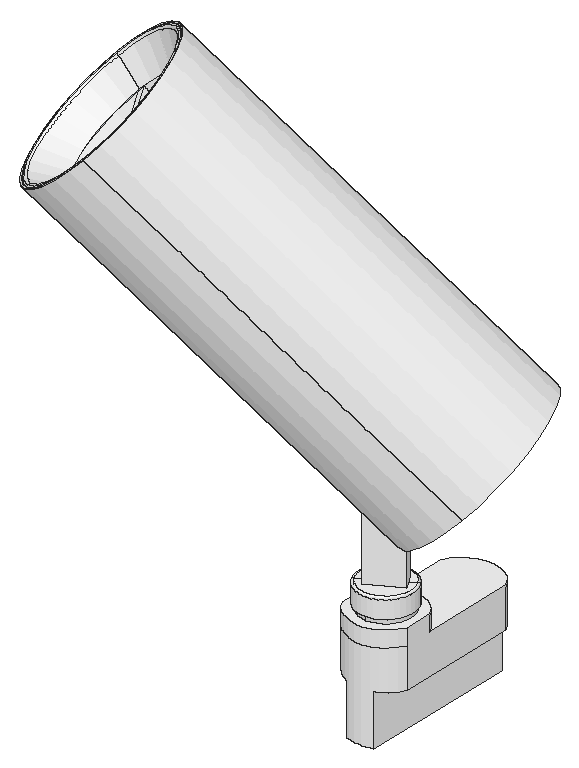
Revit family "0005444", category Lighting Fixtures, host Face, Revit 2017 (continued)
Definition of nested family "START Track Spot Integral Head"
  Types (3, lengths in mm): name | Photometric Web File | built-in parameter 1150142
    0005444 - 36 | "0005444_36.ies" | "IESNA:LM-63-2002\r\n[TEST] 202000174-1\r\n[TESTLAB] \r\n[TESTDATE] 8 Jun 2020\r\n[ISSUEDATE] 8 Jun 2020\r\n[MANUFAC] Sylvania\r\n[LUMCAT] 202000174-1\r\n[LUMINAIRE] FT1081-W-3000£¨36¡ã£©\r\n[FLASHAREA] 0.001373\r\n[LAMPCAT] 202000174-1\r\n[LAMP] LED 54W - 51.58 W\r\nTILT=NONE\r\n1 4824.20 1.0 181 4 1 2 -0.085 -0.085 0.000\r\n1.00 1.00 51.58\r\n0.00 1.00 2.00 3.00 4.00 5.00 6.00 7.00 8.00 9.00 10.00 \r\n11.00 12.00 13.00 14.00 15.00 16.00 17.00 18.00 19.00 \r\n20.00 21.00 22.00 23.00 24.00 25.00 26.00 27.00 28.00 \r\n29.00 30.00 31.00 32.00 33.00 34.00 35.00 36.00 37.00 \r\n38.00 39.00 40.00 41.00 42.00 43.00 44.00 45.00 46.00 \r\n47.00 48.00 49.00 50.00 51.00 52.00 53.00 54.00 55.00 \r\n56.00 57.00 58.00 59.00 60.00 61.00 62.00 63.00 64.00 \r\n65.00 66.00 67.00 68.00 69.00 70.00 71.00 72.00 73.00 \r\n74.00 75.00 76.00 77.00 78.00 79.00 80.00 81.00 82.00 \r\n83.00 84.00 85.00 86.00 87.00 88.00 89.00 90.00 91.00 \r\n92.00 93.00 94.00 95.00 96.00 97.00 98.00 99.00 100.00 \r\n101.00 102.00 103.00 104.00 105.00 106.00 107.00 108.00 \r\n109.00 110.00 111.00 112.00 113.00 114.00 115.00 116.00 \r\n117.00 118.00 119.00 120.00 121.00 122.00 123.00 124.00 \r\n125.00 126.00 127.00 128.00 129.00 130.00 131.00 132.00 \r\n133.00 134.00 135.00 136.00 137.00 138.00 139.00 140.00 \r\n141.00 142.00 143.00 144.00 145.00 146.00 147.00 148.00 \r\n149.00 150.00 151.00 152.00 153.00 154.00 155.00 156.00 \r\n157.00 158.00 159.00 160.00 161.00 162.00 163.00 164.00 \r\n165.00 166.00 167.00 168.00 169.00 170.00 171.00 172.00 \r\n173.00 174.00 175.00 176.00 177.00 178.00 179.00 180.00 \r\n0.00 30.00 60.00 90.00 \r\n10404.47 10782.91 10702.82 10566.62 10374.18 10147.97 \r\n9895.17 9607.78 9286.92 8940.42 8561.88 8164.88 7741.96 \r\n7324.59 6893.84 6466.46 6047.39 5619.92 5217.53 4812.23 \r\n4429.07 4071.70 3706.80 3369.21 3046.18 2750.24 2468.30 \r\n2209.89 1966.35 1746.54 1548.25 1360.32 1200.30 1052.93 \r\n925.30 811.22 713.90 625.81 548.07 484.25 423.86 377.35 \r\n330.93 295.03 265.56 236.80 215.73 195.61 179.23 165.24 \r\n152.91 143.30 133.96 126.55 119.55 113.44 108.12 103.11 \r\n98.39 93.39 88.65 83.84 79.00 74.62 70.17 65.84 61.49 \r\n57.23 52.93 48.92 44.73 40.57 36.42 32.02 27.89 23.46 \r\n19.32 16.25 13.71 11.45 9.10 6.87 4.83 3.14 1.65 1.04 \r\n0.65 0.36 0.19 0.10 0.07 0.04 0.04 0.04 0.04 0.04 0.05 \r\n0.05 0.05 0.06 0.06 0.07 0.07 0.08 0.09 0.09 0.09 0.09 \r\n0.10 0.11 0.11 0.00 0.00 0.00 0.00 0.00 0.00 0.00 0.00 \r\n0.00 0.00 0.00 0.00 0.00 0.00 0.00 0.00 0.00 0.00 0.00 \r\n0.00 0.00 0.00 0.00 0.00 0.00 0.00 0.00 0.00 0.00 0.00 \r\n0.00 0.00 0.00 0.00 0.00 0.00 0.00 0.00 0.00 0.00 0.00 \r\n0.00 0.00 0.00 0.00 0.00 0.00 0.00 0.00 0.00 0.00 0.00 \r\n0.00 0.00 0.00 0.00 0.00 0.00 0.00 0.00 0.00 0.00 0.00 \r\n0.00 0.00 0.00 0.00 0.00 0.00 0.00 \r\n10404.47 10596.09 10513.48 10382.26 10203.55 9994.41 \r\n9743.37 9458.58 9138.08 8794.44 8434.68 8044.62 7646.62 \r\n7228.44 6806.69 6392.29 5975.13 5561.90 5152.32 4759.73 \r\n4385.07 4022.12 3679.74 3349.17 3033.63 2742.67 2462.10 \r\n2209.02 1976.36 1757.39 1565.46 1383.63 1226.33 1075.93 \r\n946.60 834.90 732.26 642.39 563.91 494.78 435.32 383.24 \r\n338.19 301.21 267.49 240.31 217.58 197.82 180.65 166.83 \r\n154.79 143.83 135.20 127.33 120.59 114.47 109.12 104.02 \r\n99.11 94.35 89.39 84.59 79.76 74.82 70.25 65.69 61.30 \r\n56.94 52.67 48.49 44.24 40.12 35.94 31.72 27.44 23.59 \r\n20.10 16.65 13.79 11.28 9.09 7.10 5.11 3.61 2.45 1.39 \r\n0.76 0.48 0.29 0.17 0.11 0.08 0.05 0.05 0.05 0.05 0.05 \r\n0.05 0.05 0.06 0.06 0.06 0.07 0.08 0.08 0.08 0.08 0.09 \r\n0.09 0.10 0.11 0.00 0.00 0.00 0.00 0.00 0.00 0.00 0.00 \r\n0.00 0.00 0.00 0.00 0.00 0.00 0.00 0.00 0.00 0.00 0.00 \r\n0.00 0.00 0.00 0.00 0.00 0.00 0.00 0.00 0.00 0.00 0.00 \r\n0.00 0.00 0.00 0.00 0.00 0.00 0.00 0.00 0.00 0.00 0.00 \r\n0.00 0.00 0.00 0.00 0.00 0.00 0.00 0.00 0.00 0.00 0.00 \r\n0.00 0.00 0.00 0.00 0.00 0.00 0.00 0.00 0.00 0.00 0.00 \r\n0.00 0.00 0.00 0.00 0.00 0.00 0.00 \r\n10404.47 10446.04 10366.31 10241.91 10074.25 9863.43 \r\n9625.49 9340.39 9026.41 8690.38 8328.54 7946.42 7543.24 \r\n7147.32 6728.48 6315.69 5913.00 5499.49 5109.79 4716.51 \r\n4336.93 3976.48 3631.13 3303.03 2991.53 2702.23 2430.42 \r\n2176.04 1943.10 1734.00 1534.19 1356.35 1202.40 1056.66 \r\n928.42 816.19 717.15 631.38 552.86 486.58 427.63 377.25 \r\n334.26 295.63 265.34 237.96 215.92 196.22 179.62 165.86 \r\n154.06 143.86 134.67 126.90 120.34 114.20 108.72 103.56 \r\n98.66 93.86 89.06 84.35 79.47 74.83 70.39 65.90 61.39 \r\n57.08 52.88 48.74 44.59 40.37 36.29 32.06 27.77 23.80 \r\n20.02 16.72 13.80 11.38 9.15 7.10 5.18 3.57 2.30 1.37 \r\n0.77 0.46 0.26 0.15 0.10 0.06 0.04 0.04 0.04 0.04 0.05 \r\n0.05 0.05 0.06 0.06 0.06 0.07 0.08 0.08 0.08 0.09 0.09 \r\n0.10 0.10 0.11 0.00 0.00 0.00 0.00 0.00 0.00 0.00 0.00 \r\n0.00 0.00 0.00 0.00 0.00 0.00 0.00 0.00 0.00 0.00 0.00 \r\n0.00 0.00 0.00 0.00 0.00 0.00 0.00 0.00 0.00 0.00 0.00 \r\n0.00 0.00 0.00 0.00 0.00 0.00 0.00 0.00 0.00 0.00 0.00 \r\n0.00 0.00 0.00 0.00 0.00 0.00 0.00 0.00 0.00 0.00 0.00 \r\n0.00 0.00 0.00 0.00 0.00 0.00 0.00 0.00 0.00 0.00 0.00 \r\n0.00 0.00 0.00 0.00 0.00 0.00 0.00 \r\n10404.47 10381.93 10304.93 10185.12 10020.40 9809.25 \r\n9565.29 9286.37 8975.89 8641.26 8279.50 7900.41 7501.42 \r\n7094.58 6686.04 6273.05 5865.46 5460.89 5066.21 4681.44 \r\n4307.57 3947.98 3606.65 3281.38 2964.21 2672.94 2402.59 \r\n2148.52 1915.51 1701.01 1500.71 1328.34 1172.22 1032.52 \r\n905.82 794.59 696.20 611.17 536.05 471.13 415.15 366.14 \r\n326.23 289.16 259.45 234.06 212.43 193.73 177.18 163.75 \r\n152.41 142.92 134.20 126.52 119.46 113.08 107.71 102.63 \r\n97.94 93.21 88.34 83.47 78.78 74.26 69.82 65.47 61.13 \r\n56.95 52.84 48.73 44.55 40.38 36.16 31.93 27.72 23.44 \r\n19.80 16.49 13.78 11.33 9.16 7.00 5.10 3.28 1.98 1.10 \r\n0.69 0.40 0.21 0.09 0.05 0.03 0.03 0.03 0.03 0.04 0.05 \r\n0.05 0.05 0.05 0.06 0.07 0.07 0.07 0.08 0.08 0.09 0.09 \r\n0.09 0.11 0.11 0.00 0.00 0.00 0.00 0.00 0.00 0.00 0.00 \r\n0.00 0.00 0.00 0.00 0.00 0.00 0.00 0.00 0.00 0.00 0.00 \r\n0.00 0.00 0.00 0.00 0.00 0.00 0.00 0.00 0.00 0.00 0.00 \r\n0.00 0.00 0.00 0.00 0.00 0.00 0.00 0.00 0.00 0.00 0.00 \r\n0.00 0.00 0.00 0.00 0.00 0.00 0.00 0.00 0.00 0.00 0.00 \r\n0.00 0.00 0.00 0.00 0.00 0.00 0.00 0.00 0.00 0.00 0.00 \r\n0.00 0.00 0.00 0.00 0.00 0.00 0.00 \r\n"
    0005444 - 54 | "0005444_54.ies" | "IESNA:LM-63-2002\r\n[TEST] 202000174-1\r\n[TESTLAB] \r\n[TESTDATE] 8 Jun 2020\r\n[ISSUEDATE] 8 Jun 2020\r\n[MANUFAC] Sylvania\r\n[LUMCAT] 202000174-1\r\n[LUMINAIRE] FT1081-W-3000£¨54¡ã£©\r\n[FLASHAREA] 0.001373\r\n[LAMPCAT] 202000174-1\r\n[LAMP] LED 54W - 51.44 W\r\nTILT=NONE\r\n1 4858.80 1.0 181 4 1 2 -0.085 -0.085 0.000\r\n1.00 1.00 51.44\r\n0.00 1.00 2.00 3.00 4.00 5.00 6.00 7.00 8.00 9.00 10.00 \r\n11.00 12.00 13.00 14.00 15.00 16.00 17.00 18.00 19.00 \r\n20.00 21.00 22.00 23.00 24.00 25.00 26.00 27.00 28.00 \r\n29.00 30.00 31.00 32.00 33.00 34.00 35.00 36.00 37.00 \r\n38.00 39.00 40.00 41.00 42.00 43.00 44.00 45.00 46.00 \r\n47.00 48.00 49.00 50.00 51.00 52.00 53.00 54.00 55.00 \r\n56.00 57.00 58.00 59.00 60.00 61.00 62.00 63.00 64.00 \r\n65.00 66.00 67.00 68.00 69.00 70.00 71.00 72.00 73.00 \r\n74.00 75.00 76.00 77.00 78.00 79.00 80.00 81.00 82.00 \r\n83.00 84.00 85.00 86.00 87.00 88.00 89.00 90.00 91.00 \r\n92.00 93.00 94.00 95.00 96.00 97.00 98.00 99.00 100.00 \r\n101.00 102.00 103.00 104.00 105.00 106.00 107.00 108.00 \r\n109.00 110.00 111.00 112.00 113.00 114.00 115.00 116.00 \r\n117.00 118.00 119.00 120.00 121.00 122.00 123.00 124.00 \r\n125.00 126.00 127.00 128.00 129.00 130.00 131.00 132.00 \r\n133.00 134.00 135.00 136.00 137.00 138.00 139.00 140.00 \r\n141.00 142.00 143.00 144.00 145.00 146.00 147.00 148.00 \r\n149.00 150.00 151.00 152.00 153.00 154.00 155.00 156.00 \r\n157.00 158.00 159.00 160.00 161.00 162.00 163.00 164.00 \r\n165.00 166.00 167.00 168.00 169.00 170.00 171.00 172.00 \r\n173.00 174.00 175.00 176.00 177.00 178.00 179.00 180.00 \r\n0.00 30.00 60.00 90.00 \r\n5748.52 5832.98 5829.92 5813.23 5790.96 5758.73 5716.33 \r\n5664.90 5614.15 5552.77 5477.41 5391.90 5299.60 5199.79 \r\n5096.07 4987.17 4868.53 4744.46 4613.55 4468.86 4315.88 \r\n4155.34 3978.13 3793.44 3603.95 3412.60 3215.05 3018.56 \r\n2819.66 2609.95 2411.55 2204.65 2008.81 1814.47 1621.48 \r\n1442.97 1271.00 1111.98 970.05 841.19 725.92 634.06 \r\n550.38 480.99 423.77 375.03 330.30 293.88 262.46 236.71 \r\n213.41 193.79 175.98 161.28 147.15 135.58 125.21 116.27 \r\n108.59 101.48 95.49 89.84 84.45 79.63 74.83 70.20 65.77 \r\n61.39 56.10 50.66 46.22 41.84 37.82 33.99 30.48 26.90 \r\n22.98 18.49 14.66 11.82 9.11 6.70 4.46 2.74 1.72 1.16 \r\n0.74 0.41 0.22 0.12 0.09 0.05 0.05 0.05 0.05 0.05 0.06 \r\n0.06 0.06 0.07 0.08 0.08 0.09 0.09 0.09 0.10 0.11 0.11 \r\n0.12 0.14 0.15 0.00 0.00 0.00 0.00 0.00 0.00 0.00 0.00 \r\n0.00 0.00 0.00 0.00 0.00 0.00 0.00 0.00 0.00 0.00 0.00 \r\n0.00 0.00 0.00 0.00 0.00 0.00 0.00 0.00 0.00 0.00 0.00 \r\n0.00 0.00 0.00 0.00 0.00 0.00 0.00 0.00 0.00 0.00 0.00 \r\n0.00 0.00 0.00 0.00 0.00 0.00 0.00 0.00 0.00 0.00 0.00 \r\n0.00 0.00 0.00 0.00 0.00 0.00 0.00 0.00 0.00 0.00 0.00 \r\n0.00 0.00 0.00 0.00 0.00 0.00 0.00 \r\n5748.52 5795.00 5781.21 5763.63 5744.66 5712.95 5675.20 \r\n5633.49 5568.66 5500.06 5426.12 5349.85 5265.27 5167.41 \r\n5063.30 4951.07 4832.30 4709.77 4575.01 4433.65 4279.79 \r\n4118.13 3942.41 3752.83 3577.78 3384.88 3180.51 2990.60 \r\n2796.83 2592.91 2401.55 2192.57 1998.78 1802.12 1616.50 \r\n1441.88 1272.93 1119.16 982.97 857.06 744.69 648.13 \r\n566.13 494.45 432.97 379.98 337.98 300.98 267.26 240.98 \r\n217.40 196.31 178.37 162.42 148.85 137.08 126.89 117.70 \r\n109.71 102.62 96.04 90.32 84.66 79.51 74.79 69.97 65.14 \r\n59.94 55.59 51.17 45.86 41.75 37.69 33.90 30.04 26.02 \r\n22.26 19.03 15.64 11.97 9.16 6.90 5.08 3.57 2.29 1.36 \r\n0.85 0.56 0.34 0.19 0.11 0.08 0.05 0.05 0.05 0.05 0.05 \r\n0.06 0.06 0.07 0.07 0.07 0.08 0.08 0.09 0.09 0.10 0.11 \r\n0.11 0.13 0.13 0.00 0.00 0.00 0.00 0.00 0.00 0.00 0.00 \r\n0.00 0.00 0.00 0.00 0.00 0.00 0.00 0.00 0.00 0.00 0.00 \r\n0.00 0.00 0.00 0.00 0.00 0.00 0.00 0.00 0.00 0.00 0.00 \r\n0.00 0.00 0.00 0.00 0.00 0.00 0.00 0.00 0.00 0.00 0.00 \r\n0.00 0.00 0.00 0.00 0.00 0.00 0.00 0.00 0.00 0.00 0.00 \r\n0.00 0.00 0.00 0.00 0.00 0.00 0.00 0.00 0.00 0.00 0.00 \r\n0.00 0.00 0.00 0.00 0.00 0.00 0.00 \r\n5748.52 5758.92 5749.17 5730.59 5708.59 5673.43 5633.23 \r\n5583.51 5526.25 5463.42 5386.12 5300.39 5213.18 5119.81 \r\n5013.20 4905.57 4790.13 4662.32 4533.51 4390.26 4237.23 \r\n4071.54 3896.19 3719.51 3529.57 3341.14 3143.69 2949.54 \r\n2756.65 2555.62 2357.85 2155.72 1962.03 1767.43 1578.77 \r\n1404.85 1239.03 1083.57 945.20 823.25 712.99 622.13 \r\n541.75 473.42 416.54 368.05 327.62 290.08 260.28 234.54 \r\n210.90 191.93 174.36 159.02 146.01 134.29 124.24 115.38 \r\n107.88 101.17 94.86 89.35 83.98 79.11 74.23 69.70 64.79 \r\n60.29 55.36 50.40 45.58 41.28 37.35 33.54 29.80 26.00 \r\n22.23 18.52 14.85 11.66 8.89 6.59 4.64 3.11 1.95 1.23 \r\n0.78 0.47 0.28 0.17 0.10 0.08 0.05 0.05 0.05 0.06 0.06 \r\n0.06 0.06 0.06 0.07 0.07 0.08 0.08 0.09 0.10 0.10 0.11 \r\n0.12 0.13 0.14 0.00 0.00 0.00 0.00 0.00 0.00 0.00 0.00 \r\n0.00 0.00 0.00 0.00 0.00 0.00 0.00 0.00 0.00 0.00 0.00 \r\n0.00 0.00 0.00 0.00 0.00 0.00 0.00 0.00 0.00 0.00 0.00 \r\n0.00 0.00 0.00 0.00 0.00 0.00 0.00 0.00 0.00 0.00 0.00 \r\n0.00 0.00 0.00 0.00 0.00 0.00 0.00 0.00 0.00 0.00 0.00 \r\n0.00 0.00 0.00 0.00 0.00 0.00 0.00 0.00 0.00 0.00 0.00 \r\n0.00 0.00 0.00 0.00 0.00 0.00 0.00 \r\n5748.52 5744.59 5741.64 5725.27 5696.94 5663.25 5617.97 \r\n5574.05 5508.74 5442.70 5367.01 5285.16 5197.13 5099.39 \r\n4991.12 4886.25 4771.80 4653.96 4522.37 4376.87 4224.74 \r\n4058.37 3886.89 3699.26 3511.63 3318.31 3125.62 2930.20 \r\n2731.97 2531.13 2331.18 2128.92 1934.51 1740.03 1545.52 \r\n1369.74 1203.37 1056.03 917.78 796.30 692.34 603.76 \r\n527.58 462.53 407.72 361.49 322.67 285.46 256.26 231.00 \r\n208.29 189.72 171.87 157.00 144.38 132.63 122.33 113.75 \r\n106.51 99.91 94.02 88.46 83.24 78.44 73.67 69.05 64.57 \r\n59.51 54.79 49.10 44.66 40.46 36.60 32.96 29.44 25.82 \r\n21.75 17.76 14.14 11.16 8.56 6.16 4.05 2.57 1.59 1.06 \r\n0.65 0.39 0.21 0.12 0.09 0.05 0.05 0.05 0.05 0.05 0.05 \r\n0.06 0.06 0.07 0.07 0.07 0.08 0.08 0.09 0.09 0.10 0.10 \r\n0.11 0.12 0.14 0.00 0.00 0.00 0.00 0.00 0.00 0.00 0.00 \r\n0.00 0.00 0.00 0.00 0.00 0.00 0.00 0.00 0.00 0.00 0.00 \r\n0.00 0.00 0.00 0.00 0.00 0.00 0.00 0.00 0.00 0.00 0.00 \r\n0.00 0.00 0.00 0.00 0.00 0.00 0.00 0.00 0.00 0.00 0.00 \r\n0.00 0.00 0.00 0.00 0.00 0.00 0.00 0.00 0.00 0.00 0.00 \r\n0.00 0.00 0.00 0.00 0.00 0.00 0.00 0.00 0.00 0.00 0.00 \r\n0.00 0.00 0.00 0.00 0.00 0.00 0.00 \r\n"
  Reference planes
    plane 1 "Center (Front/Back)": y = 0
    plane 2: z = 0
    plane 3 "Center (Left/Right)": x = 0
    plane 4: x = 45.5
    plane 5: z = 16.8
    plane 6: z = -198.2
    plane 7: x = 44.5
    plane 8: x = 33
    plane 9: x = 16.5
    plane 10: z = -183.825
    plane 11: z = -164.606
    plane 12: z = -11.2
    plane 13: x = 43.5
    plane 14: x = 38.25
    plane 15: z = -181.825
    plane 16: z = -162.606
    plane 17: z = -1
    plane 18: x = 4.75
    plane 19: x = -4.75
    plane 20: y = -45.5
    plane 21: y = -26.5
    plane 22: x = 42.5
    plane 23: y = -36
  Forms (mm)
    Extrusion 1, solid
      sketch origin (4.2, 0, 0) x (1, 0, 0) y (0, 1, 0)
        loop
          line (-1219.2, 1219.2) -> (-1219.2, -1219.2) -> (1219.2, -1219.2) -> (1219.2, 1219.2) -> (-1219.2, 1219.2)
      from 0 to -68.017
    Revolve 2, solid, material <- "Material_1_SYL"
      sketch origin (0, 0, 0) x (1, 0, 0) y (0, 0, 1)
        loop
          line (45.5, -198.2) -> (45.5, 16.8) -> (44.5, 16.8) -> (44.5, -198.2) -> (45.5, -198.2)
        axis (0, 16.8) -> (0, -198.2)
      angle from 360 to 0
    Revolve 3, solid, material <- "Material_1_SYL"
      sketch origin (0, 0, 0) x (1, 0, 0) y (0, 0, 1)
        loop
          line (44.5, 16.8) -> (43.5, 16.8)
          arc (43.5, 16.8) -> (38.25, 15.673) -> (33, 16.8) r 12.796
          line (33, 16.8) -> (0, 16.8) -> (0, -11.2) -> (44.5, -11.2) -> (44.5, 16.8)
        axis (0, 16.8) -> (0, -11.2)
      angle from 360 to 0
    Revolve 4, solid, material <- "Material_2_SYL"
      sketch origin (0, 0, 0) x (1, 0, 0) y (0, 0, 1)
        loop
          line (44.5, -181.825) -> (0, -181.825) -> (0, -183.825) -> (44.5, -183.825) -> (44.5, -181.825)
        axis (0, -181.825) -> (0, -183.825)
      angle from 360 to 0
    Revolve 5, solid
      sketch origin (0, 0, 0) x (1, 0, 0) y (0, 0, 1)
        loop
          line (0, -164.606) -> (16.5, -164.606)
          arc (16.5, -164.606) -> (30.37, -169.432) -> (38.25, -181.825) r 22.346
          line (38.25, -181.825) -> (44.5, -181.825) -> (44.5, -162.606) -> (0, -162.606) -> (0, -164.606)
        axis (0, -162.606) -> (0, -181.825)
      angle from 360 to 0
    Extrusion 6, void
      sketch origin (1524, -45.5, 1219.2) x (-1, 0, 0) y (0, 0, 1)
        loop
          line (1528.75, -1230.4) -> (1528.75, -1202.4) -> (1519.25, -1202.4) -> (1519.25, -1230.4) -> (1528.75, -1230.4)
      from 0 to 19
    Revolve 7, solid, material <- "Material_1_SYL"
      sketch origin (0, 0, 0) x (1, 0, 0) y (0, 0, 1)
        loop
          line (33, -183.825) -> (42.006, -197.453)
          arc (42.006, -197.453) -> (42.534, -197.999) -> (43.267, -198.2) r 1.437
          line (43.267, -198.2) -> (44.5, -198.2) -> (44.5, -183.825) -> (33, -183.825)
        axis (0, -183.825) -> (0, -198.2)
      angle from 360 to 0
  Cuts and joins
    Extrusion 6 cuts Revolve 3
    Extrusion 6 cuts Revolve 2
  Lines and regions (mm)
    reference lines
      curve 1: arc (33, 0, 16.8) -> (38.25, 0, 15.673) -> (43.5, 0, 16.8) r 12.796
      curve 2: line (33, 0, -183.825) -> (42.5, 0, -198.2)
  Dimensions and locks
    "RadiusHead_SYL": plane 4 to plane 3 "Center (Left/Right)"
    "DistRotateAxisY_SYL": plane 5 to plane 2
    "Height_SYL": plane 5 to plane 6
    locked: plane 4 to plane 7 at 1
    "RadiusLensOut_SYL": plane 8 to plane 3 "Center (Left/Right)"
    "RadiusEmission_SYL": plane 9 to plane 3 "Center (Left/Right)"
    "DepthLens_SYL": plane 10 to plane 6
    "DepthEmission_SYL": plane 11 to plane 6
    locked: plane 5 to plane 12 at 28
    locked: plane 4 to plane 13 at 2
    equal spacing: plane 13, plane 14, plane 8
    locked: plane 5 to curve 1 at 1.127
    locked: plane 15 to plane 10 at 2
    locked: plane 16 to plane 11 at 2
    locked: plane 2 to plane 17 at 1
    equal spacing: plane 18, plane 3 "Center (Left/Right)", plane 19
    "WidthCutOut_SYL": plane 18 to plane 19
    "RadiusHead_SYL": plane 20 to plane 1 "Center (Front/Back)"
    "DepthCutOut_SYL": plane 20 to plane 21
    locked: plane 4 to plane 22 at 3
    equal spacing: plane 20, plane 23, plane 21
    aligned and locked: plane 2 to Extrusion 1
    aligned and locked: level to Extrusion 1
    aligned and locked: plane 8 to curve 1
    aligned and locked: plane 13 to curve 1
    aligned and locked: plane 14 to curve 1
    aligned and locked: plane 5 to curve 1
    aligned and locked: Revolve 2 sketch curve to plane 3 "Center (Left/Right)"
    aligned and locked: Revolve 2 sketch curve to plane 6
    aligned and locked: Revolve 2 sketch curve to plane 4
    aligned and locked: plane 5 to Revolve 2 sketch curve
    aligned and locked: plane 7 to Revolve 2 sketch curve
    aligned and locked: Revolve 3 sketch curve to plane 3 "Center (Left/Right)"
    aligned and locked: Revolve 3 sketch curve to Revolve 2  (x3)
    aligned and locked: Revolve 3 sketch curve to plane 12
    aligned and locked: plane 3 "Center (Left/Right)" to Revolve 3 sketch curve
    aligned and locked: Revolve 3 sketch curve to curve 1
    aligned and locked: plane 5 to Revolve 3 sketch curve
    aligned and locked: Revolve 4 sketch curve to plane 3 "Center (Left/Right)"  (x2)
    aligned and locked: Revolve 4 sketch curve to plane 15
    aligned and locked: plane 7 to Revolve 4 sketch curve
    aligned and locked: Revolve 5 sketch curve to plane 3 "Center (Left/Right)"  (x2)
    aligned and locked: plane 3 "Center (Left/Right)" to Revolve 5 sketch curve
    aligned and locked: plane 9 to Revolve 5 sketch curve
    aligned and locked: plane 11 to Revolve 5 sketch curve
    aligned and locked: plane 14 to Revolve 5 sketch curve
    aligned and locked: plane 15 to Revolve 5 sketch curve
    aligned and locked: plane 12 to Extrusion 6 sketch curve
    aligned and locked: Extrusion 6 sketch curve to plane 19
    aligned and locked: Extrusion 6 sketch curve to plane 5
    aligned and locked: plane 18 to Extrusion 6 sketch curve
    aligned and locked: Extrusion 6 to plane 21
    aligned and locked: plane 20 to Extrusion 6
    aligned and locked: plane 10 to curve 2
    aligned and locked: plane 22 to curve 2
    aligned and locked: Revolve 7 sketch curve to plane 3 "Center (Left/Right)"
    aligned and locked: plane 10 to Revolve 7 sketch curve
    aligned and locked: Revolve 7 sketch curve to Revolve 4
    aligned and locked: Revolve 7 sketch curve to curve 2
    aligned and locked: plane 3 "Center (Left/Right)" to imposter light
    aligned and locked: imposter light to plane 1 "Center (Front/Back)"
    aligned and locked: imposter light to plane 10
  Automatic sketch dimensions
    Extrusion 1 sketch curve to Extrusion 1 sketch curve = 2438.4 mm  (x2)
    plane 6 to Revolve 2 sketch curve = 487.1 mm
    Revolve 2 sketch curve to plane 5 = 2571.558 mm
    plane 6 to Revolve 3 sketch curve = 487.1 mm
    Revolve 3 sketch curve to Revolve 3 sketch curve = 2566.685 mm
    plane 6 to Revolve 4 sketch curve = 487.1 mm
    Revolve 4 sketch curve to plane 5 = 2571.558 mm
    Revolve 5 sketch curve to plane 11 = 2 mm
    plane 6 to Revolve 5 sketch curve = 487.1 mm
    Revolve 5 sketch curve to plane 5 = 2571.558 mm
    Revolve 5 sketch curve to plane 7 = 0 mm
    Revolve 4 sketch curve to plane 10 = 0 mm
    curve 2 to plane 8 = 0 mm
    curve 1 to plane 14 = 0 mm
    curve 2 to plane 6 = 0 mm
    curve 1 to plane 13 = 0 mm
    Revolve 7 sketch curve to plane 6 = 0 mm
    Revolve 7 sketch curve to plane 22 = 0.494 mm
    Revolve 7 sketch curve to plane 13 = 0.233 mm
    plane 6 to Revolve 7 sketch curve = 474.6 mm
    Revolve 7 sketch curve to plane 5 = 2584.058 mm
Types (3, lengths in mm): name | TypeHead_SYL
  0005444 PIXO LARGE 4725LM 930 NB MB WB WHT - 24 degree | START Track Spot Integral Head : 0005444 - 24
  0005444 PIXO LARGE 4725LM 930 NB MB WB WHT - 36 degree | START Track Spot Integral Head : 0005444 - 36
  0005444 PIXO LARGE 4725LM 930 NB MB WB WHT - 54 degree | START Track Spot Integral Head : 0005444 - 54
